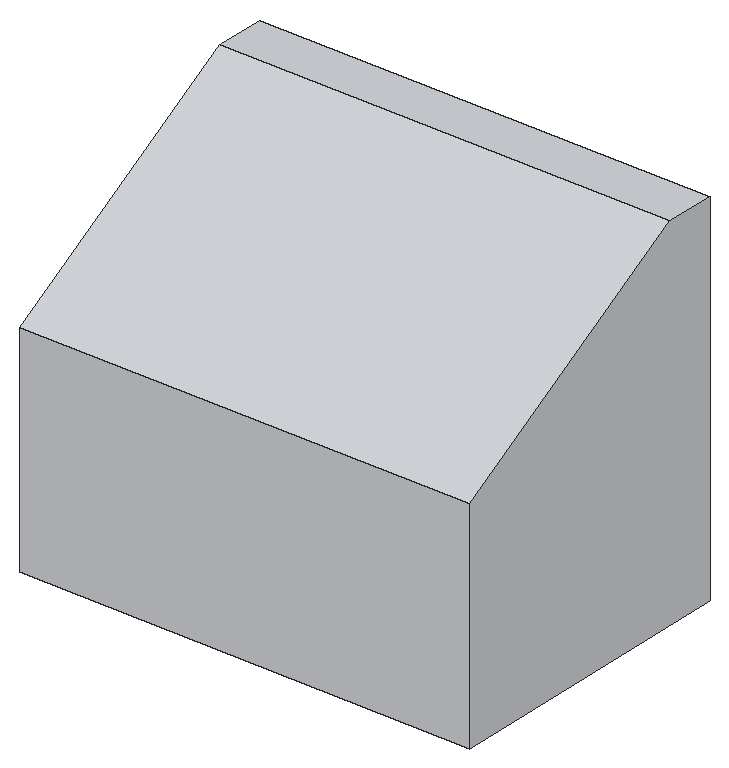
Revit family "d282900a726c4d31b9d43da20aed4a26", category Air Terminals, host Face, Revit 2021
Family settings
  Host = Face
  Round Connector Dimension = Use Diameter
  Part Type = Normal
  OmniClass Number = 23.40.40.14.21.11
  OmniClass Title = Food Service Hoods
  Seek Item ID = Grease Hood - Backshelf-0000-USA-ENU
  Cut with Voids When Loaded = No
  Shared = No
  Room Calculation Point = No
Parameters (values of type "Standard")
  Pressure Drop [instance] = 0.55 in-wg
  Hood Material = none
  Hood Length [instance] = 3' - 0"
  Half Hood Length [instance] = 1 / 2 * Hood Length  # 1' - 6"
  Exhaust Air Flow [instance] = 50 FPM * Hood Length * 1' 5 1/2"  # 218.75 CFM
  Duct Width [instance] = 6"
  Duct Height [instance] = 6"
  Default Elevation = 5' - 6"
Reference planes (in)
  plane 1 "Center (Front/Back)": y = 0
  plane 2: z = 0
  plane 3 "Center (Left/Right)": x = 0
  plane 4: x = -18
  plane 5: x = 18
  plane 6: y = 24
  plane 7: y = 20
  plane 8: y = 28
  plane 9: z = 29
  plane 10: z = 17.5
  plane 11: z = 4
  plane 12: z = 10
  plane 13: x = 3
  plane 14: x = -3
Forms (in)
  Extrusion 1, solid, material <- "Hood Material"
    sketch origin (0, 0, 0) x (0, 1, 0) y (0, 0, 1)
      loop
        line (24, 0) -> (24, 29) -> (20, 29) -> (0, 17.5) -> (0, 0) -> (24, 0)
    from -18 to 18
  Extrusion 2, solid, material <- "Hood Material"
    sketch origin (0, 0, 0) x (1, 0, 0) y (0, 0, 1)
      loop
        line (3, 10) -> (-3, 10) -> (-3, 4) -> (3, 4) -> (3, 10)
    from -28 to -24
Dimensions and locks (in)
  equal spacing: plane 4, plane 3 "Center (Left/Right)", plane 5
  locked: plane 6 to plane 1 "Center (Front/Back)" at 24
  locked: plane 6 to plane 7 at 4
  locked: plane 8 to plane 6 at 4
  locked: plane 9 to plane 2 at 29
  locked: plane 10 to plane 2 at 17.5
  locked: plane 2 to plane 11 at 4
  "Duct Height": plane 11 to plane 12
  equal spacing: plane 14, plane 3 "Center (Left/Right)", plane 13
  "Duct Width": plane 14 to plane 13
  "Half Hood Length": plane 3 "Center (Left/Right)" to plane 5
  aligned and locked: plane 2 to host face
  aligned and locked: level to host face
  aligned and locked: Extrusion 1 sketch curve to plane 6
  aligned and locked: Extrusion 1 sketch curve to plane 9
  aligned and locked: host face to Extrusion 1 sketch curve
  aligned and locked: plane 10 to Extrusion 1 sketch curve
  aligned and locked: plane 5 to Extrusion 1
  aligned and locked: Extrusion 1 to plane 4
  aligned and locked: plane 7 to Extrusion 1 sketch curve
  aligned and locked: plane 13 to Extrusion 2 sketch curve
  aligned and locked: plane 12 to Extrusion 2 sketch curve
  aligned and locked: plane 11 to Extrusion 2 sketch curve
  aligned and locked: plane 14 to Extrusion 2 sketch curve
  aligned and locked: plane 8 to Extrusion 2
  aligned and locked: Extrusion 2 to plane 6
Automatic sketch dimensions
  Extrusion 1 sketch curve to plane 1 "Center (Front/Back)" = 0' - 0"
  host sketch curve to host sketch curve = 8' - 0"  (x2)
Connectors (in)
  hvac at (0, 28, 7), driven by "Exhaust Air Flow", driven by "Pressure Drop", driven by "Duct Height", driven by "Duct Width"
    settings: on Extrusion 2, index 1, duct flow 218.75 CFM, flow factor 0, pres drop 0.55 in-wg, loss coef 0, conn angle 0.00°, conn width 6", conn height 6", conn diameter 24", duct sys type 3, conn prof type 1, flow config 1, flow direction 2, loss method 4, conn ref index -1, conn util no, is conn primary yes, conn desc ""
